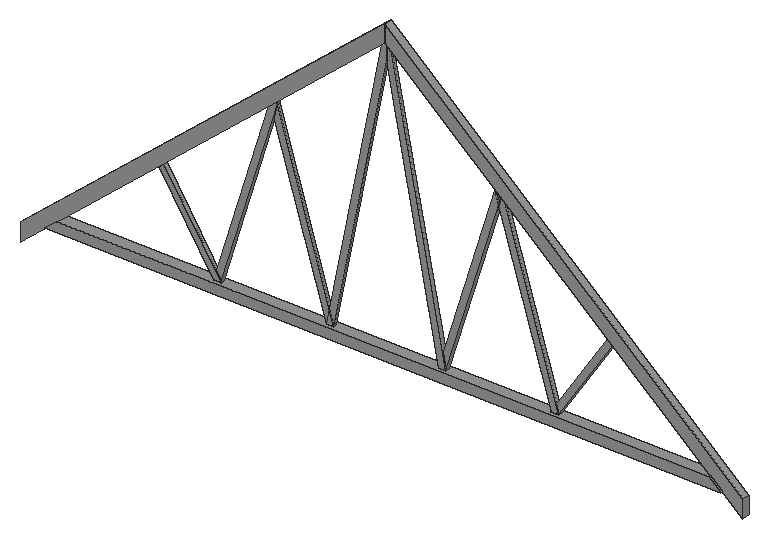
Revit family "DoubleFinkTruss", category Structural Framing, Revit 2020
Family settings
  Section Shape = Not Defined
  Material for Model Behavior = Wood
  Always export as geometry = No
  OmniClass Number = 23.25.30.21.14
  OmniClass Title = Trussed Beams and Joists
  Work Plane-Based = No
  Always vertical = Yes
  Cut with Voids When Loaded = No
  Symbolic Representation = From Family
  Shared = No
  Show family pre-cut in plan views = Yes
Parameters
  WebWidth [instance] = 50 mm
  TopWidth [instance] = 100 mm
  WebDepth [instance] = 100 mm
  Structural Material [instance] = Poche
  SpanleftMini [instance] = SpanLeft / 12  # 416.667 mm
  SpanRightMini [instance] = SpanRight / 12  # 416.667 mm
  SpanRight [instance] = 5000 mm
  SpanLeft [instance] = 5000 mm
  Span [instance] = SpanLeft + SpanRight  # 10000 mm
  SlopeRight [instance] = 40.00°
  SlopeLeft [instance] = 40.00°
  OverhangRight [instance] = 400 mm
  OverhangLeft [instance] = 300 mm
  BottomWidth [instance] = 180 mm
  BottomDepth [instance] = 150 mm
  TopDepth [instance] = 200 mm
Reference planes
  plane 1 "Center (Front/Back)": y = 0
  plane 2: z = 0
  plane 3 "Center (Left/Right)": x = 0
  plane 4: x = 5000
  plane 5: x = 5300
  plane 6: x = -5000
  plane 7: x = -5400
  plane 8: z = 150
  plane 9: x = -1666.667
  plane 10: x = -3333.333
  plane 11: x = 1666.667
  plane 12: x = 3333.333
  plane 13: x = -833.333
  plane 14: x = -2500
  plane 15: x = 833.333
  plane 16: x = 2500
  plane 17: x = -4166.667
  plane 18: x = 4166.667
Forms (mm)
  Extrusion 1, solid, material "Cherry"
    sketch origin (0, 0, 0) x (1, 0, 0) y (0, 0, 1)
      loop
        line (-5000, 0) -> (5000, 0) -> (4821.237, 150) -> (-4821.237, 150) -> (-5000, 0)
    from -90 to 90
  Extrusion 2, solid, material "Cherry"
    sketch origin (0, 0, 0) x (1, 0, 0) y (0, 0, 1)
      loop
        line (-61.717, 4143.711) -> (-884.383, 150) -> (-782.284, 150) -> (0, 3947.672) -> (0, 4195.498) -> (-61.717, 4143.711)
    from -25 to 25
  Extrusion 3, solid, material "Cherry"
    sketch origin (0, 0, 0) x (1, 0, 0) y (0, 0, 1)
      loop
        line (0, 3947.672) -> (782.284, 150) -> (884.383, 150) -> (61.717, 4143.711) -> (0, 4195.498) -> (0, 3947.672)
    from -25 to 25
  Extrusion 4, solid, material "Cherry"
    sketch origin (0, 0, 0) x (1, 0, 0) y (0, 0, 1)
      loop
        line (780.914, 150) -> (885.753, 150) -> (1708.132, 2762.205) -> (1625.201, 2831.792) -> (780.914, 150)
    from -25 to 25
  Extrusion 5, solid, material "Cherry"
    sketch origin (0, 0, 0) x (1, 0, 0) y (0, 0, 1)
      loop
        line (-1595.429, 2856.775) -> (-1737.905, 2737.223) -> (-2552.419, 150) -> (-2447.581, 150) -> (-1595.429, 2856.775)
    from -25 to 25
  Extrusion 6, solid, material "Cherry"
    sketch origin (0, 0, 0) x (1, 0, 0) y (0, 0, 1)
      loop
        line (1737.905, 2737.223) -> (1595.429, 2856.775) -> (2447.581, 150) -> (2552.419, 150) -> (1737.905, 2737.223)
    from -25 to 25
  Extrusion 7, solid, material "Cherry"
    sketch origin (0, 0, 0) x (1, 0, 0) y (0, 0, 1)
      loop
        line (5300, -251.73) -> (5300, 9.352) -> (0, 4456.58) -> (0, 4195.498) -> (5300, -251.73)
    from -50 to 50
  Extrusion 8, solid, material "Cherry"
    sketch origin (0, 0, 0) x (1, 0, 0) y (0, 0, 1)
      loop
        line (-5400, -335.64) -> (0, 4195.498) -> (0, 4456.58) -> (-5400, -74.558) -> (-5400, -335.64)
    from -50 to 50
  Extrusion 9, solid, material "Cherry"
    sketch origin (0, 0, 0) x (1, 0, 0) y (0, 0, 1)
      loop
        line (-2439.885, 150) -> (-3294.8, 1430.833) -> (-3371.867, 1366.166) -> (-2560.115, 150) -> (-2439.885, 150)
    from -25 to 25
  Extrusion 10, solid, material "Cherry"
    sketch origin (0, 0, 0) x (1, 0, 0) y (0, 0, 1)
      loop
        line (2560.115, 150) -> (3371.867, 1366.166) -> (3294.8, 1430.833) -> (2439.885, 150) -> (2560.115, 150)
    from -25 to 25
  Extrusion 11, solid, material "Cherry"
    sketch origin (0, 0, 0) x (1, 0, 0) y (0, 0, 1)
      loop
        line (-780.914, 150) -> (-1625.201, 2831.792) -> (-1708.132, 2762.205) -> (-885.753, 150) -> (-780.914, 150)
    from -25 to 25
Lines and regions (mm)
  reference lines
    curve 1: line (5000, 0, 0) -> (0, 0, 4195.498)
    curve 2: line (5311.145, 0, 0) -> (120, 0, 4355.888)
    curve 3: line (-5000, 0, 0) -> (0, 0, 4195.498)
    curve 4: line (-5122.147, 0, 158.588) -> (-162.055, 0, 4320.599)
    curve 5: line (0, 50, 1645.888) -> (0, 50, -804.112)
    curve 6: line (0, -50, 1645.888) -> (0, -50, -804.112)
    curve 7: line (0, -25, 1645.888) -> (0, -25, -804.112)
    curve 8: line (0, -90, 1645.888) -> (0, -90, -804.112)
    curve 9: line (0, 25, 1645.888) -> (0, 25, -804.112)
    curve 10: line (0, 90, 1645.888) -> (0, 90, -804.112)
    curve 11: line (0, 0, 4195.498) -> (-833.333, 0, 150)
    curve 12: line (-833.333, 0, 150) -> (-1666.667, 0, 2796.999)
    curve 13: line (-1666.667, 0, 2796.999) -> (-2500, 0, 150)
    curve 14: line (-2500, 0, 150) -> (-3333.333, 0, 1398.499)
    curve 15: line (0, 0, 4195.498) -> (833.333, 0, 150)
    curve 16: line (833.333, 0, 150) -> (1666.667, 0, 2796.999)
    curve 17: line (1666.667, 0, 2796.999) -> (2500, 0, 150)
    curve 18: line (2500, 0, 150) -> (3333.333, 0, 1398.499)
    curve 19: line (1763.839, 0, 2654.844) -> (2547.93, 0, 164.259)
    curve 20: line (1569.494, 0, 2939.153) -> (2452.07, 0, 135.741)
    curve 21: line (785.403, 0, 164.259) -> (1569.494, 0, 2654.844)
    curve 22: line (881.264, 0, 135.741) -> (1763.839, 0, 2939.153)
    curve 23: line (98.396, 0, 3965.651) -> (880.709, 0, 167.838)
    curve 24: line (-98.396, 0, 4425.345) -> (785.958, 0, 132.162)
    curve 25: line (-98.396, 0, 3965.651) -> (-880.709, 0, 167.838)
    curve 26: line (98.396, 0, 4425.345) -> (-785.958, 0, 132.162)
    curve 27: line (-785.403, 0, 164.259) -> (-1569.494, 0, 2654.844)
    curve 28: line (-881.264, 0, 135.741) -> (-1763.839, 0, 2939.153)
    curve 29: line (-1763.839, 0, 2654.844) -> (-2547.93, 0, 164.259)
    curve 30: line (-1569.494, 0, 2939.153) -> (-2452.07, 0, 135.741)
    curve 31: line (2476.718, 0, 205.182) -> (3245.135, 0, 1356.425)
    curve 32: line (2462.22, 0, 3.334) -> (3421.531, 0, 1440.574)
    curve 33: line (-2476.718, 0, 205.182) -> (-3245.135, 0, 1356.425)
    curve 34: line (-2462.22, 0, 3.334) -> (-3421.531, 0, 1440.574)
Dimensions and locks
  "OverhangLeft": plane 4 to plane 5
  "OverhangRight": plane 6 to plane 7
  "SpanRight": plane 3 "Center (Left/Right)" to plane 6
  "SpanLeft": plane 3 "Center (Left/Right)" to plane 4
  "BottomDepth": level to plane 8
  "TopDepth": curve 1 to curve 2
  "TopDepth": curve 4 to curve 3
  equal spacing: curve 5, plane 1 "Center (Front/Back)", curve 6
  "TopWidth": curve 5 to curve 6
  equal spacing: curve 9, plane 1 "Center (Front/Back)", curve 7
  equal spacing: curve 10, plane 1 "Center (Front/Back)", curve 8
  "WebWidth": curve 9 to curve 7
  "BottomWidth": curve 10 to curve 8
  plane 3 "Center (Left/Right)" to plane 15 to plane 11 to plane 16 to plane 12 to plane 18 to plane 4 = 833.333 mm, 833.333 mm, 833.333 mm, 833.333 mm, 833.333 mm, 833.333 mm
  plane 3 "Center (Left/Right)" to plane 13 to plane 9 to plane 14 to plane 10 to plane 17 to plane 6 = 833.333 mm, 833.333 mm, 833.333 mm, 833.333 mm, 833.333 mm, 833.333 mm
  equal spacing: curve 19, curve 17, curve 20
  equal spacing: curve 21, curve 16, curve 22
  equal spacing: curve 23, curve 15, curve 24
  equal spacing: curve 26, curve 11, curve 25
  equal spacing: curve 28, curve 12, curve 27
  equal spacing: curve 30, curve 13, curve 29
  "WebDepth": curve 19 to curve 20
  "WebDepth": curve 21 to curve 22
  "WebDepth": curve 23 to curve 24
  "WebDepth": curve 26 to curve 25
  "WebDepth": curve 28 to curve 27
  "WebDepth": curve 30 to curve 29
  equal spacing: plane 3 "Center (Left/Right)", plane 13, plane 9, plane 14, plane 10, plane 17, plane 6
  equal spacing: plane 3 "Center (Left/Right)", plane 15, plane 11, plane 16, plane 12, plane 18, plane 4
  equal spacing: curve 32, curve 18, curve 31
  equal spacing: curve 33, curve 14, curve 34
  "WebDepth": curve 32 to curve 31
  "WebDepth": curve 33 to curve 34
  "SlopeLeft": angle level to curve 1
  "SlopeRight": angle curve 3 to level
  aligned and locked: plane 2 to level
  aligned and locked: level to curve 1
  aligned and locked: plane 3 "Center (Left/Right)" to curve 1
  aligned and locked: plane 4 to curve 1
  aligned and locked: plane 6 to curve 3
  aligned and locked: level to Extrusion 1 sketch curve
  aligned and locked: plane 8 to Extrusion 1 sketch curve
  aligned and locked: Extrusion 1 sketch curve to curve 3
  aligned and locked: Extrusion 1 sketch curve to curve 1
  aligned and locked: curve 10 to Extrusion 1
  aligned and locked: Extrusion 1 to curve 8
  aligned and locked: Extrusion 2 sketch curve to curve 25
  aligned and locked: curve 26 to Extrusion 2 sketch curve
  aligned and locked: curve 3 to Extrusion 2 sketch curve
  aligned and locked: plane 3 "Center (Left/Right)" to Extrusion 2 sketch curve
  aligned and locked: Extrusion 1 to Extrusion 2 sketch curve
  aligned and locked: curve 24 to Extrusion 3 sketch curve
  aligned and locked: Extrusion 3 sketch curve to curve 23
  aligned and locked: plane 3 "Center (Left/Right)" to Extrusion 3 sketch curve
  aligned and locked: Extrusion 1 to Extrusion 3 sketch curve
  aligned and locked: curve 1 to Extrusion 3 sketch curve
  aligned and locked: Extrusion 4 sketch curve to curve 21
  aligned and locked: curve 22 to Extrusion 4 sketch curve
  aligned and locked: curve 1 to Extrusion 4 sketch curve
  aligned and locked: Extrusion 1 to Extrusion 4 sketch curve
  aligned and locked: Extrusion 3 to Extrusion 2  (x2)
  aligned and locked: Extrusion 2 to Extrusion 4
  aligned and locked: Extrusion 4 to Extrusion 2
  aligned and locked: curve 30 to Extrusion 5 sketch curve
  aligned and locked: Extrusion 5 sketch curve to curve 29
  aligned and locked: curve 3 to Extrusion 5 sketch curve
  aligned and locked: Extrusion 1 to Extrusion 5 sketch curve
  aligned and locked: Extrusion 6 sketch curve to curve 19
  aligned and locked: curve 20 to Extrusion 6 sketch curve
  aligned and locked: Extrusion 1 to Extrusion 6 sketch curve
  aligned and locked: curve 1 to Extrusion 6 sketch curve
  aligned and locked: Extrusion 2 to Extrusion 5
  aligned and locked: Extrusion 5 to Extrusion 2
  aligned and locked: Extrusion 2 to Extrusion 6
  aligned and locked: Extrusion 6 to Extrusion 2
  aligned and locked: Extrusion 7 sketch curve to curve 1
  aligned and locked: curve 2 to Extrusion 7 sketch curve
  aligned and locked: Extrusion 7 sketch curve to plane 3 "Center (Left/Right)"
  aligned and locked: Extrusion 7 sketch curve to plane 5
  aligned and locked: Extrusion 8 sketch curve to curve 3
  aligned and locked: Extrusion 8 sketch curve to curve 4
  aligned and locked: Extrusion 8 sketch curve to plane 3 "Center (Left/Right)"
  aligned and locked: plane 7 to Extrusion 8 sketch curve
  aligned and locked: Extrusion 8 to curve 5
  aligned and locked: Extrusion 8 to curve 6
  aligned and locked: Extrusion 7 to curve 5
  aligned and locked: Extrusion 7 to curve 6
  aligned and locked: Extrusion 9 sketch curve to curve 33
  aligned and locked: curve 34 to Extrusion 9 sketch curve
  aligned and locked: Extrusion 8 to Extrusion 9 sketch curve
  aligned and locked: Extrusion 1 to Extrusion 9 sketch curve
  aligned and locked: curve 32 to Extrusion 10 sketch curve
  aligned and locked: Extrusion 10 sketch curve to curve 31
  aligned and locked: Extrusion 7 to Extrusion 10 sketch curve
  aligned and locked: Extrusion 1 to Extrusion 10 sketch curve
  aligned and locked: curve 9 to Extrusion 9
  aligned and locked: Extrusion 9 to curve 7
  aligned and locked: curve 9 to Extrusion 10
  aligned and locked: Extrusion 10 to curve 7
  aligned and locked: Extrusion 11 sketch curve to curve 27
  aligned and locked: curve 28 to Extrusion 11 sketch curve
  aligned and locked: Extrusion 8 to Extrusion 11 sketch curve
  aligned and locked: Extrusion 1 to Extrusion 11 sketch curve
  aligned and locked: Extrusion 11 to curve 9
  aligned and locked: Extrusion 11 to curve 7
  aligned and locked: Extrusion 5 to curve 9
  aligned and locked: Extrusion 5 to curve 7
Automatic sketch dimensions
  level to curve 10 = 804.112 mm
  curve 5 to curve 10 = 0 mm
  curve 8 to curve 5 = 0 mm
  curve 8 to curve 6 = 0 mm  (x2)
  curve 8 to curve 7 = 0 mm  (x2)
  curve 9 to curve 10 = 0 mm  (x2)
  curve 6 to plane 8 = 1495.888 mm
  curve 6 to curve 9 = 0 mm
  curve 5 to curve 9 = 0 mm
  plane 10 to curve 14 = 0 mm
  curve 13 to plane 8 = 0 mm
  plane 14 to curve 13 = 0 mm
  plane 9 to curve 13 = 0 mm
  curve 12 to plane 8 = 0 mm
  plane 13 to curve 12 = 0 mm
  curve 16 to plane 8 = 0 mm
  curve 16 to plane 15 = 0 mm
  curve 16 to plane 11 = 0 mm
  curve 18 to plane 8 = 0 mm
  curve 18 to plane 16 = 0 mm
  curve 18 to plane 12 = 0 mm
  curve 2 to level = 0 mm
  curve 4 to plane 8 = 8.588 mm
  plane 10 to curve 34 = 88.198 mm
  curve 33 to plane 10 = 88.198 mm
  curve 29 to plane 8 = 14.259 mm
  curve 33 to plane 14 = 23.282 mm
  curve 34 to level = 3.334 mm
  plane 8 to curve 30 = 14.259 mm
  plane 9 to curve 28 = 97.173 mm
  plane 9 to curve 29 = 97.173 mm
  curve 30 to plane 9 = 97.173 mm
  curve 27 to plane 9 = 97.173 mm
  plane 8 to curve 28 = 14.259 mm
  curve 25 to plane 8 = 17.838 mm
  plane 8 to curve 26 = 17.838 mm
  curve 27 to plane 8 = 14.259 mm
  curve 4 to plane 3 "Center (Left/Right)" = 162.055 mm
  curve 25 to plane 3 "Center (Left/Right)" = 98.396 mm
  curve 24 to plane 3 "Center (Left/Right)" = 98.396 mm
  plane 3 "Center (Left/Right)" to curve 23 = 98.396 mm
  plane 3 "Center (Left/Right)" to curve 26 = 98.396 mm
  curve 26 to curve 2 = 21.604 mm
  curve 21 to plane 8 = 14.259 mm
  plane 8 to curve 24 = 17.838 mm
  curve 23 to plane 8 = 17.838 mm
  plane 8 to curve 22 = 14.259 mm
  curve 20 to plane 11 = 97.173 mm
  curve 21 to plane 11 = 97.173 mm
  plane 11 to curve 22 = 97.173 mm
  plane 11 to curve 19 = 97.173 mm
  plane 8 to curve 20 = 14.259 mm
  curve 32 to level = 3.334 mm
  curve 31 to plane 16 = 23.282 mm
  curve 19 to plane 8 = 14.259 mm
  curve 31 to plane 12 = 88.198 mm
  plane 12 to curve 32 = 88.198 mm
